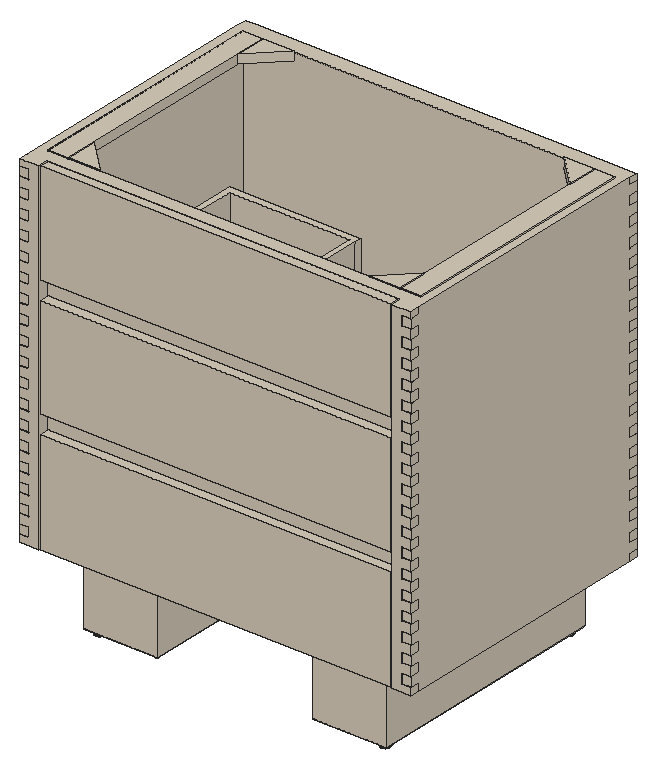
Revit family "Furniture-Floor_Mount-Vanity-KOHLER-Landshapes-K-32264_1", category Casework, host Face, Revit 2021 (continued)
Definition of nested family "K-32264"
  Lines and regions (in)
    symbolic lines, detail levels medium+fine
      curve 221: line (12.76526, -24, 0.3937) -> (6.85975, -24, 0.3937)
      curve 222: line (12.76526, -24, 6.1811) -> (6.85975, -24, 6.1811)
      curve 223: line (-13.27804, -24, 28.93701) -> (-13.15993, -24, 28.93701)
      curve 224: arc (-13.15993, -24, 7.07943) -> (-13.24589, -24, 7.15202) -> (-13.27804, -24, 7.25984) r 0.19685
      curve 225: arc (-13.1993, -24, 7.25983) -> (-13.18901, -24, 7.21161) -> (-13.15993, -24, 7.1718) r 0.11811
      curve 226: line (-13.1993, -24, 7.25983) -> (-13.1993, -24, 7.68085)
      curve 227: line (-13.1993, -24, 7.68085) -> (-13.15993, -24, 7.73708)
      curve 228: line (-13.1993, -24, 8.93307) -> (-13.27804, -24, 8.93307)
      curve 229: line (-13.1993, -24, 8.83661) -> (-13.1993, -24, 8.93307)
      curve 230: line (-13.15993, -24, 8.78039) -> (-13.1993, -24, 8.83661)
      curve 231: line (-13.27804, -24, 6.88976) -> (-13.15993, -24, 6.88976)
      curve 232: arc (14.63534, -24, 7.07943) -> (14.7213, -24, 7.15202) -> (14.75345, -24, 7.25984) r 0.19685
      curve 233: arc (14.67471, -24, 7.25983) -> (14.66442, -24, 7.21161) -> (14.63534, -24, 7.1718) r 0.11811
      curve 234: line (14.67471, -24, 7.25983) -> (14.67471, -24, 7.68085)
      curve 235: line (14.67471, -24, 7.68085) -> (14.63534, -24, 7.73708)
      curve 236: line (14.67471, -24, 8.93307) -> (14.75345, -24, 8.93307)
      curve 237: line (14.67471, -24, 8.83661) -> (14.67471, -24, 8.93307)
      curve 238: line (14.63534, -24, 8.78039) -> (14.67471, -24, 8.83661)
      curve 239: line (14.75345, -24, 6.88976) -> (14.63534, -24, 6.88976)
      curve 240: line (14.75345, -24, 28.93701) -> (14.63534, -24, 28.93701)
      curve 241: line (-23.2623, -1.6378, 32.93307) -> (-23.2623, -2.38583, 32.93307)
      curve 242: line (-23.2623, -2.38583, 32.93307) -> (-23.2623, -2.38583, 33.50394)
      curve 243: line (-23.2623, -2.38583, 32.18504) -> (-23.2623, -1.6378, 32.18504)
      curve 244: line (-23.2623, -2.38583, 31.43701) -> (-23.2623, -2.38583, 32.18504)
      curve 245: line (-23.2623, -1.6378, 31.43701) -> (-23.2623, -2.38583, 31.43701)
      curve 246: line (-23.2623, -2.38583, 30.68898) -> (-23.2623, -1.6378, 30.68898)
      curve 247: line (-23.2623, -2.38583, 29.94094) -> (-23.2623, -2.38583, 30.68898)
      curve 248: line (-23.2623, -1.6378, 29.94094) -> (-23.2623, -2.38583, 29.94094)
      curve 249: line (-23.2623, -2.38583, 29.19291) -> (-23.2623, -1.6378, 29.19291)
      curve 250: line (-23.2623, -2.38583, 28.44488) -> (-23.2623, -2.38583, 29.19291)
      curve 251: line (-23.2623, -1.6378, 28.44488) -> (-23.2623, -2.38583, 28.44488)
      curve 252: line (-23.2623, -2.38583, 27.69685) -> (-23.2623, -1.6378, 27.69685)
      curve 253: line (-23.2623, -2.38583, 26.94882) -> (-23.2623, -2.38583, 27.69685)
      curve 254: line (-23.2623, -1.6378, 26.94882) -> (-23.2623, -2.38583, 26.94882)
      curve 255: line (-23.2623, -2.38583, 26.20079) -> (-23.2623, -1.6378, 26.20079)
      curve 256: line (-23.2623, -2.38583, 25.45276) -> (-23.2623, -2.38583, 26.20079)
      curve 257: line (-23.2623, -1.6378, 25.45276) -> (-23.2623, -2.38583, 25.45276)
      curve 258: line (-23.2623, -2.38583, 24.70472) -> (-23.2623, -1.6378, 24.70472)
      curve 259: line (-23.2623, -2.38583, 23.95669) -> (-23.2623, -2.38583, 24.70472)
      curve 260: line (-23.2623, -1.6378, 23.95669) -> (-23.2623, -2.38583, 23.95669)
      curve 261: line (-23.2623, -2.38583, 23.20866) -> (-23.2623, -1.6378, 23.20866)
      curve 262: line (-23.2623, -2.38583, 22.46063) -> (-23.2623, -2.38583, 23.20866)
      curve 263: line (-23.2623, -1.6378, 22.46063) -> (-23.2623, -2.38583, 22.46063)
      curve 264: line (-23.2623, -2.38583, 21.7126) -> (-23.2623, -1.6378, 21.7126)
      curve 265: line (-23.2623, -2.38583, 20.96457) -> (-23.2623, -2.38583, 21.7126)
      curve 266: line (-23.2623, -1.6378, 20.96457) -> (-23.2623, -2.38583, 20.96457)
      curve 267: line (-23.2623, -2.38583, 20.21654) -> (-23.2623, -1.6378, 20.21654)
      curve 268: line (-23.2623, -2.38583, 19.4685) -> (-23.2623, -2.38583, 20.21654)
      curve 269: line (-23.2623, -1.6378, 19.4685) -> (-23.2623, -2.38583, 19.4685)
      curve 270: line (-23.2623, -2.38583, 18.72047) -> (-23.2623, -1.6378, 18.72047)
      curve 271: line (-23.2623, -2.38583, 17.97244) -> (-23.2623, -2.38583, 18.72047)
      curve 272: line (-23.2623, -1.6378, 17.97244) -> (-23.2623, -2.38583, 17.97244)
      curve 273: line (-23.2623, -2.38583, 17.22441) -> (-23.2623, -1.6378, 17.22441)
      curve 274: line (-23.2623, -2.38583, 16.47638) -> (-23.2623, -2.38583, 17.22441)
      curve 275: line (-23.2623, -1.6378, 16.47638) -> (-23.2623, -2.38583, 16.47638)
      curve 276: line (-23.2623, -2.38583, 15.72835) -> (-23.2623, -1.6378, 15.72835)
      curve 277: line (-23.2623, -2.38583, 14.98031) -> (-23.2623, -2.38583, 15.72835)
      curve 278: line (-23.2623, -1.6378, 14.98031) -> (-23.2623, -2.38583, 14.98031)
      curve 279: line (-23.2623, -2.38583, 14.23228) -> (-23.2623, -1.6378, 14.23228)
      curve 280: line (-23.2623, -2.38583, 13.48425) -> (-23.2623, -2.38583, 14.23228)
      curve 281: line (-23.2623, -1.6378, 13.48425) -> (-23.2623, -2.38583, 13.48425)
      curve 282: line (-23.2623, -2.38583, 12.73622) -> (-23.2623, -1.6378, 12.73622)
      curve 283: line (-23.2623, -2.38583, 11.98819) -> (-23.2623, -2.38583, 12.73622)
      curve 284: line (-23.2623, -1.6378, 11.98819) -> (-23.2623, -2.38583, 11.98819)
      curve 285: line (-23.2623, -2.38583, 11.24016) -> (-23.2623, -1.6378, 11.24016)
      curve 286: line (-23.2623, -2.38583, 10.49213) -> (-23.2623, -2.38583, 11.24016)
      curve 287: line (-23.2623, -1.6378, 10.49213) -> (-23.2623, -2.38583, 10.49213)
      curve 288: line (-23.2623, -2.38583, 9.74409) -> (-23.2623, -1.6378, 9.74409)
      curve 289: line (-23.2623, -2.38583, 8.99606) -> (-23.2623, -2.38583, 9.74409)
      curve 290: line (-23.2623, -1.6378, 8.99606) -> (-23.2623, -2.38583, 8.99606)
      curve 291: line (-23.2623, -2.38583, 8.24803) -> (-23.2623, -1.6378, 8.24803)
      curve 292: line (-23.2623, -2.38583, 7.5) -> (-23.2623, -2.38583, 8.24803)
      curve 293: line (-23.2623, -1.6378, 7.5) -> (-23.2623, -2.38583, 7.5)
      curve 294: line (-23.2623, -2.38583, 6.75197) -> (-23.2623, -1.6378, 6.75197)
      curve 295: line (-23.2623, -2.38583, 6.1811) -> (-23.2623, -2.38583, 6.75197)
      curve 296: line (-23.2623, -1.6378, 6.1811) -> (-23.2623, -23.99016, 6.1811)
      curve 297: line (-23.2623, -22.0315, 0.3937) -> (-23.2623, -2.38583, 0.3937)
      curve 298: line (-23.2623, -2.50394, 0.27559) -> (-23.2623, -21.91339, 0.27559)
      curve 299: line (-23.2623, -24, 32.93307) -> (-23.2623, -23.25197, 32.93307)
      curve 300: line (-23.2623, -23.25197, 32.93307) -> (-23.2623, -23.25197, 33.50394)
      curve 301: line (-23.2623, -23.25197, 32.18504) -> (-23.2623, -24, 32.18504)
      curve 302: line (-23.2623, -23.25197, 31.43701) -> (-23.2623, -23.25197, 32.18504)
      curve 303: line (-23.2623, -24, 31.43701) -> (-23.2623, -23.25197, 31.43701)
      curve 304: line (-23.2623, -23.25197, 30.68898) -> (-23.2623, -24, 30.68898)
      curve 305: line (-23.2623, -23.25197, 29.94094) -> (-23.2623, -23.25197, 30.68898)
      curve 306: line (-23.2623, -24, 29.94094) -> (-23.2623, -23.25197, 29.94094)
      curve 307: line (-23.2623, -23.25197, 29.19291) -> (-23.2623, -24, 29.19291)
      curve 308: line (-23.2623, -23.25197, 28.44488) -> (-23.2623, -23.25197, 29.19291)
      curve 309: line (-23.2623, -24, 28.44488) -> (-23.2623, -23.25197, 28.44488)
      curve 310: line (-23.2623, -23.25197, 27.69685) -> (-23.2623, -24, 27.69685)
      curve 311: line (-23.2623, -23.25197, 26.94882) -> (-23.2623, -23.25197, 27.69685)
      curve 312: line (-23.2623, -24, 26.94882) -> (-23.2623, -23.25197, 26.94882)
      curve 313: line (-23.2623, -23.25197, 26.20079) -> (-23.2623, -24, 26.20079)
      curve 314: line (-23.2623, -23.25197, 25.45276) -> (-23.2623, -23.25197, 26.20079)
      curve 315: line (-23.2623, -24, 25.45276) -> (-23.2623, -23.25197, 25.45276)
      curve 316: line (-23.2623, -23.25197, 24.70472) -> (-23.2623, -24, 24.70472)
      curve 317: line (-23.2623, -23.25197, 23.95669) -> (-23.2623, -23.25197, 24.70472)
      curve 318: line (-23.2623, -24, 23.95669) -> (-23.2623, -23.25197, 23.95669)
      curve 319: line (-23.2623, -23.25197, 23.20866) -> (-23.2623, -24, 23.20866)
      curve 320: line (-23.2623, -23.25197, 22.46063) -> (-23.2623, -23.25197, 23.20866)
      curve 321: line (-23.2623, -24, 22.46063) -> (-23.2623, -23.25197, 22.46063)
      curve 322: line (-23.2623, -23.25197, 21.7126) -> (-23.2623, -24, 21.7126)
      curve 323: line (-23.2623, -23.25197, 20.96457) -> (-23.2623, -23.25197, 21.7126)
      curve 324: line (-23.2623, -24, 20.96457) -> (-23.2623, -23.25197, 20.96457)
      curve 325: line (-23.2623, -23.25197, 20.21654) -> (-23.2623, -24, 20.21654)
      curve 326: line (-23.2623, -23.25197, 19.4685) -> (-23.2623, -23.25197, 20.21654)
      curve 327: line (-23.2623, -24, 19.4685) -> (-23.2623, -23.25197, 19.4685)
      curve 328: line (-23.2623, -23.25197, 18.72047) -> (-23.2623, -24, 18.72047)
      curve 329: line (-23.2623, -23.25197, 17.97244) -> (-23.2623, -23.25197, 18.72047)
      curve 330: line (-23.2623, -24, 17.97244) -> (-23.2623, -23.25197, 17.97244)
      curve 331: line (-23.2623, -23.25197, 17.22441) -> (-23.2623, -24, 17.22441)
      curve 332: line (-23.2623, -23.25197, 16.47638) -> (-23.2623, -23.25197, 17.22441)
      curve 333: line (-23.2623, -24, 16.47638) -> (-23.2623, -23.25197, 16.47638)
      curve 334: line (-23.2623, -23.25197, 15.72835) -> (-23.2623, -24, 15.72835)
      curve 335: line (-23.2623, -23.25197, 14.98031) -> (-23.2623, -23.25197, 15.72835)
      curve 336: line (-23.2623, -24, 14.98031) -> (-23.2623, -23.25197, 14.98031)
      curve 337: line (-23.2623, -23.25197, 14.23228) -> (-23.2623, -24, 14.23228)
      curve 338: line (-23.2623, -23.25197, 13.48425) -> (-23.2623, -23.25197, 14.23228)
      curve 339: line (-23.2623, -24, 13.48425) -> (-23.2623, -23.25197, 13.48425)
      curve 340: line (-23.2623, -23.25197, 12.73622) -> (-23.2623, -24, 12.73622)
      curve 341: line (-23.2623, -23.25197, 11.98819) -> (-23.2623, -23.25197, 12.73622)
      curve 342: line (-23.2623, -24, 11.98819) -> (-23.2623, -23.25197, 11.98819)
      curve 343: line (-23.2623, -23.25197, 11.24016) -> (-23.2623, -24, 11.24016)
      curve 344: line (-23.2623, -23.25197, 10.49213) -> (-23.2623, -23.25197, 11.24016)
      curve 345: line (-23.2623, -24, 10.49213) -> (-23.2623, -23.25197, 10.49213)
      curve 346: line (-23.2623, -23.25197, 9.74409) -> (-23.2623, -24, 9.74409)
      curve 347: line (-23.2623, -23.25197, 8.99606) -> (-23.2623, -23.25197, 9.74409)
      curve 348: line (-23.2623, -24, 8.99606) -> (-23.2623, -23.25197, 8.99606)
      curve 349: line (-23.2623, -23.25197, 8.24803) -> (-23.2623, -24, 8.24803)
      curve 350: line (-23.2623, -23.25197, 7.5) -> (-23.2623, -23.25197, 8.24803)
      curve 351: line (-23.2623, -24, 7.5) -> (-23.2623, -23.25197, 7.5)
      curve 352: line (-23.2623, -23.25197, 6.75197) -> (-23.2623, -24, 6.75197)
      curve 353: line (-23.2623, -23.25197, 6.1811) -> (-23.2623, -23.25197, 6.75197)
      curve 354: line (-23.2623, -2.70079, 0.0701) -> (-23.2623, -3.48327, 0.0701)
      curve 355: line (-23.2623, -21.71117, 0.0701) -> (-23.2623, -20.92869, 0.0701)
  Dimensions and locks (in)
    equal spacing: plane 3 "Left", plane 2 "Center (Left/Right)", plane 4 "Right"
    "Height": level to plane 6 "Top"
    plane 7 to plane 8 = 31.02362"
    plane 9 to plane 5 "Front" = 22.3622"
    plane 10 to plane 11 = 27.79528"
    plane 12 to plane 5 "Front" = 15.59055"
    plane 20 to plane 19 = 22.6378"
    plane 25 to plane 24 = 18.22835"
    plane 9 to plane 23 = 0.74803"
    aligned and locked: plane 1 to level
  Automatic sketch dimensions
    curve 1 to plane 7 = 0"
    plane 5 "Front" to curve 8 = 0"
    curve 8 to plane 7 = 0"
    curve 14 to plane 10 = 0"
    curve 14 to plane 11 = 0"
    curve 39 to plane 8 = 0"
    plane 5 "Front" to curve 44 = 0"
    curve 44 to plane 8 = 0"
    curve 2 to plane 9 = 0.07874"
    plane 7 to curve 2 = 0.74803"
    plane 10 to curve 28 = 0.72881"
    curve 27 to curve 27 = 0.07557"
    curve 30 to plane 21 = 0.40891"
    curve 25 to plane 21 = 0.04715"
    curve 50 to plane 22 = 0.04715"
    curve 49 to curve 56 = 0.36176"
    curve 55 to curve 55 = 0.65679"
    curve 52 to curve 52 = 0.07557"
    plane 8 to curve 44 = 0.74803"
    curve 10 to plane 5 "Front" = 0.74803"
    curve 46 to plane 5 "Front" = 0.74803"
    plane 24 to curve 11 = 0.82677"
    plane 25 to curve 54 = 2.45856"
    plane 25 to curve 27 = 2.45856"
    curve 27 to curve 29 = 0.11454"
    curve 52 to curve 54 = 0.11454"
    curve 30 to curve 24 = 0.05979"
    curve 55 to curve 49 = 0.05979"
    curve 4 to plane 25 = 0.19685"
    curve 9 to plane 5 "Front" = 0.07874"
    curve 10 to curve 14 = 0.11811"
    curve 9 to plane 10 = 0.11811"
    curve 13 to curve 10 = 0"
    plane 10 to curve 5 = 0.70866"
    curve 28 to curve 24 = 0.0027"
    curve 32 to curve 27 = 0.01885"
    curve 29 to curve 33 = 0.06379"
    curve 27 to curve 37 = 0.16383"
    curve 37 to curve 34 = 0.03915"
    curve 36 to curve 30 = 0.17108"
    curve 36 to curve 35 = 0.0493"
    curve 38 to curve 24 = 0.12688"
    curve 26 to curve 24 = 0.02684"
    plane 19 to curve 7 = 0.63386"
    plane 19 to curve 15 = 0.63386"
    plane 13 to curve 16 = 2.35827"
    curve 16 to curve 17 = 0.3937"
    plane 14 to curve 20 = 2.75197"
    curve 20 to curve 21 = 0.3937"
    plane 20 to curve 43 = 0.63386"
    plane 20 to curve 48 = 0.63386"
    curve 50 to curve 51 = 0.02684"
    curve 51 to curve 63 = 0.10004"
    curve 55 to curve 60 = 0.12179"
    curve 60 to curve 61 = 0.0493"
    curve 59 to curve 54 = 0.20298"
    curve 62 to curve 52 = 0.16383"
    curve 58 to curve 54 = 0.06379"
    curve 52 to curve 57 = 0.01885"
    curve 49 to curve 53 = 0.0027"
    curve 53 to curve 43 = 0.02015"
    curve 13 to plane 11 = 0.11811"
    curve 46 to curve 13 = 0"
    curve 45 to plane 11 = 0.11811"
    curve 45 to plane 5 "Front" = 0.07874"
    curve 10 to curve 14 = 0"
    curve 46 to curve 13 = 0.07874"
    curve 15 to plane 24 = 1.67717"
    curve 48 to plane 24 = 1.67717"
    curve 18 to plane 24 = 5.51181"
    curve 18 to curve 19 = 0.3937"
    plane 12 to curve 16 = 2.32283"
    curve 22 to curve 52 = 0.06113"
    curve 119 to plane 7 = 0"
    curve 118 to plane 7 = 0"
    curve 116 to plane 7 = 0"
    curve 115 to plane 7 = 0"
    curve 85 to plane 7 = 0"
    curve 82 to plane 7 = 0"
    curve 124 to plane 7 = 0"
    curve 113 to plane 7 = 0"
    curve 111 to plane 7 = 0"
    curve 68 to plane 7 = 0"
    curve 110 to plane 7 = 0"
    curve 109 to plane 7 = 0"
    curve 70 to plane 7 = 0"
    curve 107 to plane 7 = 0"
    curve 105 to plane 7 = 0"
    curve 122 to plane 7 = 0"
    curve 104 to plane 7 = 0"
    curve 103 to plane 7 = 0"
    curve 121 to plane 7 = 0"
    curve 101 to plane 7 = 0"
    curve 100 to plane 7 = 0"
    curve 74 to plane 7 = 0"
    curve 98 to plane 7 = 0"
    curve 97 to plane 7 = 0"
    curve 76 to plane 7 = 0"
    curve 95 to plane 7 = 0"
    curve 94 to plane 7 = 0"
    curve 77 to plane 7 = 0"
    curve 92 to plane 7 = 0"
    curve 86 to plane 7 = 0"
    curve 79 to plane 7 = 0"
    curve 91 to plane 7 = 0"
    curve 89 to plane 7 = 0"
    curve 80 to plane 7 = 0"
    curve 88 to plane 7 = 0"
    curve 83 to plane 7 = 0"
    curve 66 to plane 6 "Top" = 0"
    curve 65 to plane 6 "Top" = 0"
    curve 67 to plane 6 "Top" = 0"
    curve 67 to plane 16 = 0"
    curve 230 to plane 10 = 0"
    curve 130 to plane 10 = 0"
    curve 73 to plane 10 = 0"
    curve 137 to plane 10 = 0"
    curve 139 to plane 10 = 0"
    curve 146 to plane 16 = 0"
    curve 146 to plane 21 = 0"
    curve 145 to plane 21 = 0"
    curve 143 to plane 15 = 0"
    curve 222 to plane 16 = 0"
    curve 219 to plane 15 = 0"
    plane 22 to curve 222 = 0"
    plane 22 to curve 221 = 0"
    plane 11 to curve 128 = 0"
    plane 11 to curve 127 = 0"
    plane 11 to curve 72 = 0"
    plane 11 to curve 139 = 0"
    plane 11 to curve 239 = 0"
    curve 150 to plane 6 "Top" = 0"
    curve 150 to plane 16 = 0"
    curve 148 to plane 6 "Top" = 0"
    curve 149 to plane 6 "Top" = 0"
    plane 8 to curve 168 = 0"
    plane 8 to curve 159 = 0"
    plane 8 to curve 170 = 0"
    plane 8 to curve 171 = 0"
    plane 8 to curve 158 = 0"
    plane 8 to curve 173 = 0"
    plane 8 to curve 206 = 0"
    plane 8 to curve 156 = 0"
    plane 8 to curve 204 = 0"
    plane 8 to curve 203 = 0"
    plane 8 to curve 167 = 0"
    plane 8 to curve 201 = 0"
    plane 8 to curve 200 = 0"
    plane 8 to curve 151 = 0"
    plane 8 to curve 198 = 0"
    plane 8 to curve 197 = 0"
    plane 8 to curve 195 = 0"
    plane 8 to curve 161 = 0"
    plane 8 to curve 193 = 0"
    plane 8 to curve 165 = 0"
    plane 8 to curve 192 = 0"
    plane 8 to curve 164 = 0"
    plane 8 to curve 191 = 0"
    plane 8 to curve 189 = 0"
    plane 8 to curve 187 = 0"
    plane 8 to curve 153 = 0"
    plane 8 to curve 186 = 0"
    plane 8 to curve 185 = 0"
    plane 8 to curve 183 = 0"
    plane 8 to curve 182 = 0"
    plane 8 to curve 180 = 0"
    plane 8 to curve 179 = 0"
    plane 8 to curve 177 = 0"
    plane 8 to curve 162 = 0"
    plane 8 to curve 176 = 0"
    plane 8 to curve 174 = 0"
    curve 207 to plane 16 = 0"
    curve 126 to plane 16 = 0"
    plane 7 to curve 66 = 0.00984"
    curve 83 to curve 84 = 0.74803"
    curve 82 to curve 82 = 0.74803"
    curve 84 to curve 86 = 0"
    curve 89 to curve 89 = 0.74803"
    curve 79 to curve 80 = 0"
    curve 94 to curve 93 = 0.74803"
    curve 93 to curve 95 = 0"
    curve 76 to curve 77 = 0"
    curve 96 to curve 98 = 0"
    curve 99 to curve 101 = 0"
    curve 119 to curve 120 = 0.74803"
    curve 104 to curve 104 = 0.74803"
    curve 120 to curve 122 = 0"
    curve 105 to curve 107 = 0"
    curve 70 to curve 74 = 0"
    curve 108 to curve 110 = 0"
    curve 111 to curve 113 = 0"
    curve 114 to curve 116 = 0"
    curve 229 to plane 10 = 0.03937"
    curve 226 to plane 10 = 0.03937"
    curve 136 to plane 10 = 0.03937"
    curve 133 to plane 10 = 0.03937"
    plane 10 to curve 224 = 0.07874"
    plane 10 to curve 130 = 0.07874"
    curve 130 to curve 131 = 0"
    curve 224 to curve 225 = 0"
    plane 11 to curve 210 = 0.07874"
    plane 11 to curve 232 = 0.07874"
    curve 232 to curve 233 = 0"
    curve 209 to curve 210 = 0"
    curve 215 to plane 11 = 0.03937"
    curve 236 to plane 11 = 0.03937"
    curve 234 to plane 11 = 0.03937"
    curve 212 to plane 11 = 0.03937"
    curve 187 to curve 187 = 0.74803"
    curve 187 to curve 189 = 0"
    curve 185 to curve 185 = 0.74803"
    curve 190 to curve 192 = 0"
    curve 193 to curve 195 = 0"
    curve 182 to curve 182 = 0.74803"
    curve 198 to curve 198 = 0.74803"
    curve 151 to curve 151 = 0.74803"
    curve 199 to curve 201 = 0"
    curve 202 to curve 204 = 0"
    curve 152 to curve 156 = 0"
    curve 174 to curve 174 = 0.74803"
    curve 173 to plane 18 = 0.05906"
    curve 173 to curve 174 = 0"
    curve 170 to curve 171 = 0"
    curve 179 to curve 179 = 0.74803"
    curve 157 to curve 159 = 0"
    curve 167 to curve 168 = 0"
    curve 164 to curve 164 = 0.74803"
    plane 8 to curve 149 = 0.00984"
    plane 16 to curve 123 = 0.57087"
    plane 16 to curve 206 = 0.57087"
    curve 123 to curve 225 = 0.50786"
    curve 205 to curve 234 = 0.50786"
    curve 233 to curve 232 = 0"
    curve 225 to curve 224 = 0"
    curve 123 to curve 123 = 0.74803"
    curve 205 to curve 205 = 0.74803"
    curve 225 to curve 227 = 0.42102"
    curve 233 to curve 235 = 0.42102"
    curve 204 to curve 202 = 0.74803"
    curve 122 to curve 120 = 0.74803"
    curve 202 to curve 238 = 0.58858"
    curve 120 to curve 229 = 0.58858"
    curve 237 to curve 236 = 0.09646"
    curve 229 to curve 229 = 0.09646"
    curve 202 to curve 202 = 0.74803"
    curve 120 to curve 120 = 0.74803"
    curve 201 to curve 199 = 0.74803"
    curve 119 to curve 118 = 0.74803"
    curve 117 to curve 117 = 0.74803"
    curve 199 to curve 198 = 0.74803"
    curve 197 to plane 17 = 0.03543"
    curve 115 to plane 17 = 0.03543"
    plane 17 to curve 113 = 0.7126"
    plane 17 to curve 195 = 0.7126"
    curve 195 to curve 194 = 0.74803"
    curve 113 to curve 112 = 0.74803"
    curve 111 to curve 110 = 0.74803"
    curve 193 to curve 194 = 0.74803"
    curve 192 to curve 191 = 0.74803"
    curve 110 to curve 109 = 0.74803"
    curve 108 to curve 125 = 0.1378"
    curve 125 to curve 127 = 0.11811"
    curve 127 to curve 131 = 0.37007"
    curve 127 to curve 211 = 0.37007"
    curve 210 to curve 209 = 0"
    curve 131 to curve 130 = 0"
    curve 108 to curve 107 = 0.74803"
    curve 190 to curve 189 = 0.74803"
    curve 210 to curve 211 = 0.42102"
    curve 131 to curve 133 = 0.42102"
    curve 189 to curve 187 = 0.74803"
    curve 107 to curve 106 = 0.74803"
    curve 211 to curve 128 = 0.54749"
    curve 128 to curve 135 = 0.60827"
    curve 128 to curve 215 = 0.60827"
    curve 105 to curve 104 = 0.74803"
    curve 187 to curve 188 = 0.74803"
    curve 214 to curve 213 = 0.09646"
    curve 135 to curve 135 = 0.09646"
    curve 186 to curve 184 = 0.74803"
    curve 104 to curve 102 = 0.74803"
    curve 102 to curve 101 = 0.74803"
    curve 184 to curve 184 = 0.74803"
    curve 183 to curve 182 = 0.74803"
    curve 101 to curve 100 = 0.74803"
    curve 99 to curve 98 = 0.74803"
    curve 181 to curve 180 = 0.74803"
    curve 98 to curve 96 = 0.74803"
    curve 180 to curve 178 = 0.74803"
    curve 178 to curve 177 = 0.74803"
    curve 96 to curve 96 = 0.74803"
    curve 95 to curve 93 = 0.74803"
    curve 177 to curve 175 = 0.74803"
    curve 175 to curve 174 = 0.74803"
    curve 93 to curve 93 = 0.74803"
    curve 91 to plane 18 = 0.05906"
    plane 18 to curve 137 = 0.62992"
    plane 18 to curve 90 = 0.68898"
    plane 18 to curve 171 = 0.68898"
    curve 138 to curve 218 = 0.11811"
    curve 89 to curve 87 = 0.74803"
    curve 171 to curve 169 = 0.74803"
    curve 87 to curve 71 = 0.64961"
    curve 169 to curve 168 = 0.74803"
    curve 87 to curve 87 = 0.74803"
    curve 168 to curve 166 = 0.74803"
    curve 86 to curve 84 = 0.74803"
    curve 84 to curve 83 = 0.74803"
    curve 166 to curve 166 = 0.74803"
    curve 83 to curve 81 = 0.74803"
    curve 165 to curve 164 = 0.74803"
    curve 163 to curve 163 = 0.74803"
    curve 81 to curve 81 = 0.74803"
    curve 80 to curve 79 = 0.74803"
    curve 162 to curve 160 = 0.74803"
    curve 78 to curve 78 = 0.74803"
    curve 160 to curve 160 = 0.74803"
    curve 159 to curve 158 = 0.74803"
    curve 77 to curve 76 = 0.74803"
    curve 157 to curve 156 = 0.74803"
    curve 75 to curve 74 = 0.74803"
    curve 74 to curve 70 = 0.74803"
    curve 156 to curve 153 = 0.74803"
    plane 6 "Top" to curve 68 = 0.57087"
    plane 6 "Top" to curve 152 = 0.57087"
    curve 149 to curve 149 = 0.07874"
    plane 6 "Top" to curve 72 = 0.07874"
    curve 66 to curve 66 = 0.07874"
    curve 66 to curve 65 = 0.0689"
    curve 130 to curve 132 = 0.07874"
    plane 10 to curve 140 = 0.27559"
    level to curve 144 = 0.07607"
    plane 21 to curve 144 = 0.31496"
    curve 143 to curve 144 = 0"  (x2)
    plane 19 to curve 143 = 0.3937"
    curve 146 to plane 13 = 0.12205"
    curve 145 to plane 13 = 0.12205"
    curve 221 to plane 14 = 0.12205"
    curve 222 to plane 14 = 0.12205"
    plane 20 to curve 219 = 0.3937"
    level to curve 220 = 0.07607"
    curve 219 to curve 220 = 0"  (x2)
    plane 22 to curve 219 = 0.31496"
    plane 11 to curve 217 = 0.27559"
    curve 150 to plane 11 = 0.11811"
    curve 148 to curve 147 = 0.0689"
    plane 15 to curve 221 = 0.11811"
    plane 15 to curve 145 = 0.11811"
    curve 231 to curve 224 = 0.18966"
    curve 239 to curve 232 = 0.18966"
    curve 234 to curve 235 = 0.05623"
    curve 226 to curve 227 = 0.05623"
    curve 230 to curve 229 = 0.05623"
    curve 238 to curve 237 = 0.05623"
    curve 132 to curve 133 = 0.05623"
    curve 211 to curve 212 = 0.05623"
    curve 137 to curve 128 = 0"
    curve 136 to curve 135 = 0.05623"
    curve 215 to curve 214 = 0.05623"
    curve 213 to curve 208 = 0.55512"
    curve 134 to curve 129 = 0.55512"
    curve 141 to curve 83 = 0.33465"
    curve 218 to curve 165 = 0.33465"
    curve 240 to curve 160 = 0.25591"
    curve 223 to curve 78 = 0.25591"
    curve 155 to curve 152 = 0.25591"
    curve 73 to curve 69 = 0.25591"
    Sweep 1 sketch curve to plane 21 = 0"
    plane 23 to Sweep 1 sketch curve = 0"
    Sweep 1 sketch curve to plane 13 = 0.12205"
    plane 24 to Sweep 1 sketch curve = 0.74803"
    profile plane to Sweep 1 sketch curve = 0"
    Sweep 1 sketch curve to profile plane = 0.11832"
    Sweep 1 sketch curve to profile plane = 0.19685"
    level to Sweep 1 sketch curve = 0.3151"
    Sweep 1 sketch curve to Sweep 1 sketch curve = 0.11832"
    Sweep 1 sketch curve to Sweep 1 sketch curve = 5.7874"
    Sweep 2 sketch curve to plane 22 = 0"
    plane 23 to Sweep 2 sketch curve = 0"
    Sweep 2 sketch curve to plane 14 = 0.12205"
    plane 24 to Sweep 2 sketch curve = 0.74803"
    profile plane to Sweep 2 sketch curve = 0"
    profile plane to Sweep 2 sketch curve = 0.11832"
    Sweep 2 sketch curve to Sweep 2 sketch curve = 0.07853"
    level to Sweep 2 sketch curve = 0.3151"
    Sweep 2 sketch curve to Sweep 2 sketch curve = 0.11832"
    Sweep 2 sketch curve to Sweep 2 sketch curve = 5.7874"
    plane 21 to Extrusion 3 sketch curve = 0.19685"
    Extrusion 3 sketch curve to plane 13 = 0.3189"
    Extrusion 3 sketch curve to plane 14 = 0.3189"
    plane 22 to Extrusion 3 sketch curve = 0.19685"
    plane 24 to Extrusion 3 sketch curve = 0.55118"  (x2)
    plane 23 to Extrusion 3 sketch curve = 0.19685"  (x2)
    plane 5 "Front" to Extrusion 4 sketch curve = 0"  (x2)
    Extrusion 4 sketch curve to plane 7 = 0"
    Extrusion 4 sketch curve to plane 9 = 0"
    Extrusion 4 sketch curve to plane 8 = 0"
    Extrusion 4 sketch curve to plane 25 = 0.19685"
    plane 7 to Extrusion 4 sketch curve = 0.74803"  (x2)
    Extrusion 4 sketch curve to plane 10 = 0.11811"
    Extrusion 4 sketch curve to plane 11 = 0.11811"
    plane 8 to Extrusion 4 sketch curve = 0.74803"
    Extrusion 4 sketch curve to Extrusion 4 sketch curve = 0.74803"  (x2)
    Extrusion 4 sketch curve to Extrusion 4 sketch curve = 0.82677"
    plane 24 to Extrusion 4 sketch curve = 0.82677"
    Extrusion 5 sketch curve to plane 5 "Front" = 0"  (x18)
    Extrusion 5 sketch curve to plane 23 = 0"  (x19)
    Extrusion 5 sketch curve to plane 9 = 0"  (x18)
    Extrusion 5 sketch curve to plane 16 = 0.1965"  (x2)
    plane 5 "Front" to Extrusion 5 sketch curve = 0.82677"
    Extrusion 5 sketch curve to Extrusion 5 sketch curve = 0.74803"  (x77)
    Extrusion 5 sketch curve to Extrusion 5 sketch curve = 0"  (x2)
    plane 9 to Extrusion 5 sketch curve = 0.82677"
    plane 16 to Extrusion 5 sketch curve = 0.61059"  (x2)
    Extrusion 5 sketch curve to plane 17 = 0.74374"  (x2)
    plane 17 to Extrusion 5 sketch curve = 0.00429"  (x2)
    Extrusion 5 sketch curve to plane 18 = 0.01933"  (x2)
    plane 18 to Extrusion 5 sketch curve = 0.7287"  (x2)
    plane 6 "Top" to Extrusion 5 sketch curve = 0.53114"  (x2)
    Extrusion 5 sketch curve to plane 6 "Top" = 0.03972"  (x2)
    Extrusion 6 sketch curve to plane 5 "Front" = 0"  (x18)
    Extrusion 6 sketch curve to plane 23 = 0"  (x19)
    Extrusion 6 sketch curve to plane 9 = 0"  (x18)
    Extrusion 6 sketch curve to plane 16 = 0.1965"  (x2)
    plane 5 "Front" to Extrusion 6 sketch curve = 0.82677"
    Extrusion 6 sketch curve to Extrusion 6 sketch curve = 0.74803"  (x77)
    Extrusion 6 sketch curve to Extrusion 6 sketch curve = 0"  (x2)
    plane 9 to Extrusion 6 sketch curve = 0.82677"
    plane 16 to Extrusion 6 sketch curve = 0.61059"  (x2)
    Extrusion 6 sketch curve to plane 17 = 0.74374"  (x2)
    plane 17 to Extrusion 6 sketch curve = 0.00429"  (x2)
    Extrusion 6 sketch curve to plane 18 = 0.01933"  (x2)
    plane 18 to Extrusion 6 sketch curve = 0.7287"  (x2)
    plane 6 "Top" to Extrusion 6 sketch curve = 0.53114"  (x2)
    Extrusion 6 sketch curve to plane 6 "Top" = 0.03972"  (x2)
    Extrusion 7 sketch curve to plane 7 = 0"  (x19)
    plane 8 to Extrusion 7 sketch curve = 0"  (x19)
    Extrusion 7 sketch curve to plane 6 "Top" = 0.25626"  (x2)
    Extrusion 7 sketch curve to plane 7 = 0.59055"
    Extrusion 7 sketch curve to Extrusion 7 sketch curve = 0.74803"  (x78)
    Extrusion 7 sketch curve to Extrusion 7 sketch curve = 0"  (x18)
    Extrusion 7 sketch curve to plane 18 = 0.01933"  (x2)
    plane 17 to Extrusion 7 sketch curve = 0.00429"  (x2)
    Extrusion 7 sketch curve to plane 8 = 0.59055"
    Extrusion 7 sketch curve to plane 17 = 0.74374"  (x2)
    plane 16 to Extrusion 7 sketch curve = 0.61059"  (x2)
    Extrusion 7 sketch curve to plane 16 = 0.37366"  (x2)
    plane 18 to Extrusion 7 sketch curve = 0.7287"  (x2)
    plane 6 "Top" to Extrusion 7 sketch curve = 0.53114"  (x2)
    Extrusion 8 sketch curve to plane 10 = 0"  (x3)
    plane 11 to Extrusion 8 sketch curve = 0"  (x3)
    plane 16 to Extrusion 8 sketch curve = 0.03972"
    plane 17 to Extrusion 8 sketch curve = 3.13421"
    Extrusion 8 sketch curve to Extrusion 8 sketch curve = 1.45669"  (x2)
    plane 18 to Extrusion 8 sketch curve = 0.66964"
    plane 6 "Top" to Extrusion 8 sketch curve = 0.03902"
    Extrusion 9 sketch curve to plane 25 = 0.19685"
    plane 7 to Extrusion 9 sketch curve = 0.74803"
    plane 8 to Extrusion 9 sketch curve = 0.74803"
    plane 24 to Extrusion 9 sketch curve = 0.82677"
    Extrusion 10 sketch curve to plane 25 = 0.19685"  (x2)
    plane 7 to Extrusion 10 sketch curve = 0.74803"
    plane 10 to Extrusion 10 sketch curve = 0.70866"
    plane 19 to Extrusion 10 sketch curve = 0.63386"  (x2)
    plane 20 to Extrusion 10 sketch curve = 0.63386"  (x2)
    plane 11 to Extrusion 10 sketch curve = 0.70866"
    plane 8 to Extrusion 10 sketch curve = 0.74803"
    plane 25 to Extrusion 10 sketch curve = 2.30709"  (x2)
    Extrusion 10 sketch curve to plane 24 = 1.67717"  (x2)
    plane 24 to Extrusion 10 sketch curve = 0.82677"  (x2)
    plane 10 to Extrusion 11 sketch curve = 0.70866"  (x2)
    Extrusion 11 sketch curve to Extrusion 11 sketch curve = 0.04205"  (x8)
    plane 11 to Extrusion 11 sketch curve = 0.75071"  (x2)
    plane 24 to Extrusion 11 sketch curve = 0.82677"  (x2)
    Extrusion 11 sketch curve to plane 24 = 1.63512"  (x2)
    plane 25 to Extrusion 11 sketch curve = 2.30709"  (x2)
    Extrusion 11 sketch curve to plane 25 = 0.19685"  (x2)
    plane 10 to Extrusion 13 sketch curve = 0.27559"
    Extrusion 13 sketch curve to Extrusion 13 sketch curve = 0.3937"
    plane 11 to Extrusion 13 sketch curve = 0.86614"
    plane 11 to Extrusion 13 sketch curve = 0.27559"
    Extrusion 13 sketch curve to plane 5 "Front" = 0.7874"
    Extrusion 13 sketch curve to plane 5 "Front" = 1.29921"
    plane 12 to Extrusion 13 sketch curve = 2.32283"
    Extrusion 13 sketch curve to Extrusion 13 sketch curve = 0.51181"
    plane 10 to Extrusion 15 sketch curve = 0.66929"
    plane 11 to Extrusion 15 sketch curve = 0.86614"
    Extrusion 15 sketch curve to plane 5 "Front" = 0.90551"
    plane 12 to Extrusion 15 sketch curve = 2.32283"
    Extrusion 16 sketch curve to plane 10 = 0"  (x2)
    plane 11 to Extrusion 16 sketch curve = 0"  (x2)
    Extrusion 16 sketch curve to plane 10 = 0.03937"  (x2)
    Extrusion 16 sketch curve to Extrusion 16 sketch curve = 0.07874"  (x8)
    Extrusion 16 sketch curve to plane 10 = 0.11811"  (x2)
    Extrusion 16 sketch curve to Extrusion 16 sketch curve = 0.19685"  (x4)
    plane 10 to Extrusion 16 sketch curve = 0.07874"  (x2)
    Extrusion 16 sketch curve to Extrusion 16 sketch curve = 0"  (x9)
    plane 10 to Extrusion 16 sketch curve = 0.66929"  (x2)
    Extrusion 16 sketch curve to Extrusion 16 sketch curve = 0.10128"  (x4)
    Extrusion 16 sketch curve to Extrusion 16 sketch curve = 0.30479"  (x4)
    Extrusion 16 sketch curve to Extrusion 16 sketch curve = 0.01518"  (x4)
    Extrusion 16 sketch curve to Extrusion 16 sketch curve = 0.13257"  (x3)
    Extrusion 16 sketch curve to Extrusion 16 sketch curve = 0.14775"
    Extrusion 16 sketch curve to Extrusion 16 sketch curve = 0.10365"  (x4)
    Extrusion 16 sketch curve to Extrusion 16 sketch curve = 0.14302"  (x2)
    Extrusion 16 sketch curve to Extrusion 16 sketch curve = 0.02419"  (x4)
    Extrusion 16 sketch curve to plane 21 = 0.20968"
    Extrusion 16 sketch curve to Extrusion 16 sketch curve = 0.19133"
    Extrusion 16 sketch curve to plane 21 = 0.08428"  (x2)
    Extrusion 16 sketch curve to plane 21 = 0.05058"  (x2)
    Extrusion 16 sketch curve to plane 19 = 0.20239"  (x2)
    Extrusion 16 sketch curve to plane 19 = 0.01382"  (x2)
    plane 19 to Extrusion 16 sketch curve = 0.13349"  (x2)
    plane 20 to Extrusion 16 sketch curve = 0.13349"  (x2)
    Extrusion 16 sketch curve to plane 20 = 0.01382"  (x2)
    Extrusion 16 sketch curve to plane 20 = 0.20239"  (x2)
    Extrusion 16 sketch curve to plane 22 = 0.05058"  (x2)
    Extrusion 16 sketch curve to plane 22 = 0.08428"  (x2)
    Extrusion 16 sketch curve to Extrusion 16 sketch curve = 0.1254"
    Extrusion 16 sketch curve to Extrusion 16 sketch curve = 0.1591"
    Extrusion 16 sketch curve to Extrusion 16 sketch curve = 0.31673"  (x2)
    Extrusion 16 sketch curve to Extrusion 16 sketch curve = 0.03937"  (x6)
    plane 11 to Extrusion 16 sketch curve = 0.07874"  (x2)
    Extrusion 16 sketch curve to plane 11 = 0.03937"  (x2)
    Extrusion 16 sketch curve to plane 11 = 0.11811"  (x2)
    plane 16 to Extrusion 16 sketch curve = 1.13815"  (x2)
    Extrusion 16 sketch curve to Extrusion 16 sketch curve = 0.03938"  (x5)
    Extrusion 16 sketch curve to Extrusion 16 sketch curve = 0.07873"  (x3)
    Extrusion 16 sketch curve to Extrusion 16 sketch curve = 0.01931"  (x4)
    Extrusion 16 sketch curve to Extrusion 16 sketch curve = 0.06603"  (x4)
    Extrusion 16 sketch curve to Extrusion 16 sketch curve = 0.13258"  (x4)
    Extrusion 16 sketch curve to Extrusion 16 sketch curve = 0.26472"  (x4)
    Extrusion 16 sketch curve to Extrusion 16 sketch curve = 0.0152"  (x4)
    Extrusion 16 sketch curve to Extrusion 16 sketch curve = 0.15748"  (x4)
    Extrusion 16 sketch curve to Extrusion 16 sketch curve = 0.28226"  (x4)
    Extrusion 16 sketch curve to Extrusion 16 sketch curve = 0.02417"  (x7)
    Extrusion 16 sketch curve to Extrusion 16 sketch curve = 0.41732"  (x4)
    Extrusion 16 sketch curve to Extrusion 16 sketch curve = 0.02055"  (x4)
    Extrusion 16 sketch curve to Extrusion 16 sketch curve = 0.10665"  (x4)
    Extrusion 16 sketch curve to Extrusion 16 sketch curve = 0.2357"  (x4)
    Extrusion 16 sketch curve to Extrusion 16 sketch curve = 0.4089"
    Extrusion 16 sketch curve to Extrusion 16 sketch curve = 0.06654"  (x3)
    Extrusion 16 sketch curve to Extrusion 16 sketch curve = 0.3937"  (x3)
    Extrusion 16 sketch curve to Extrusion 16 sketch curve = 0.30512"  (x4)
    plane 17 to Extrusion 16 sketch curve = 4.27201"  (x2)
    Extrusion 16 sketch curve to Extrusion 16 sketch curve = 0.33379"
    Revolve 17 sketch curve to plane 19 = 0"  (x2)
    Revolve 17 sketch curve to level = 0"
    level to Revolve 17 sketch curve = 0.04885"
    plane 15 to Revolve 17 sketch curve = 0.03972"
    Revolve 17 sketch curve to plane 19 = 0.34485"
    Revolve 17 sketch curve to Revolve 17 sketch curve = 0.16961"
    level to Revolve 17 sketch curve = 0.09531"
    Revolve 18 sketch curve to plane 19 = 0"  (x2)
    Revolve 18 sketch curve to level = 0"
    level to Revolve 18 sketch curve = 0.04885"
    plane 15 to Revolve 18 sketch curve = 0.03972"
    Revolve 18 sketch curve to plane 19 = 0.34485"
    Revolve 18 sketch curve to Revolve 18 sketch curve = 0.16961"
    level to Revolve 18 sketch curve = 0.09531"
    Masking region 1 sketch curve to plane 7 = 0"
    plane 5 "Front" to Masking region 1 sketch curve = 0"  (x3)
    Masking region 1 sketch curve to plane 10 = 0"
    Masking region 1 sketch curve to plane 11 = 0"
    Masking region 1 sketch curve to plane 8 = 0"
    Masking region 1 sketch curve to plane 9 = 0"
    Masking region 1 sketch curve to Masking region 1 sketch curve = 0.11811"
    plane 10 to Masking region 1 sketch curve = 0.27559"
    plane 11 to Masking region 1 sketch curve = 0.27559"
    Masking region 1 sketch curve to plane 11 = 0.11811"
    Masking region 1 sketch curve to plane 5 "Front" = 0.74803"  (x2)
    Masking region 1 sketch curve to Masking region 1 sketch curve = 0.07874"  (x2)
    Masking region 2 sketch curve to plane 6 "Top" = 0"
    Masking region 2 sketch curve to plane 7 = 0"
    Masking region 2 sketch curve to plane 21 = 0"
    Masking region 2 sketch curve to plane 15 = 0"  (x4)
    Masking region 2 sketch curve to level = 0"  (x2)
    Masking region 2 sketch curve to plane 19 = 0"
    Masking region 2 sketch curve to plane 16 = 0"  (x3)
    Masking region 2 sketch curve to plane 2 "Center (Left/Right)" = 0"  (x2)
    plane 20 to Masking region 2 sketch curve = 0"
    plane 22 to Masking region 2 sketch curve = 0"
    plane 8 to Masking region 2 sketch curve = 0"
    plane 21 to Masking region 2 sketch curve = 0.11811"
    Masking region 2 sketch curve to Masking region 2 sketch curve = 0.19685"
    level to Masking region 2 sketch curve = 0.07607"  (x4)
    plane 19 to Masking region 2 sketch curve = 0.31763"
    Masking region 2 sketch curve to plane 13 = 0.24016"
    Masking region 2 sketch curve to plane 13 = 0.12205"
    Masking region 2 sketch curve to plane 14 = 0.12205"
    Masking region 2 sketch curve to Masking region 2 sketch curve = 0.11811"
    plane 20 to Masking region 2 sketch curve = 0.3937"
    Masking region 2 sketch curve to plane 20 = 0.31763"
    plane 22 to Masking region 2 sketch curve = 0.11811"
    plane 15 to Masking region 2 sketch curve = 0.11811"  (x4)
    plane 20 to Revolve 19 sketch curve = 0"  (x2)
    Revolve 19 sketch curve to level = 0"
    level to Revolve 19 sketch curve = 0.04885"
    plane 15 to Revolve 19 sketch curve = 0.03972"
    Revolve 19 sketch curve to plane 20 = 0.34485"
    Revolve 19 sketch curve to Revolve 19 sketch curve = 0.16961"
    level to Revolve 19 sketch curve = 0.09531"
    plane 20 to Revolve 20 sketch curve = 0"  (x2)
    Revolve 20 sketch curve to level = 0"
    level to Revolve 20 sketch curve = 0.04885"
    plane 15 to Revolve 20 sketch curve = 0.03972"
    Revolve 20 sketch curve to plane 20 = 0.34485"
    Revolve 20 sketch curve to Revolve 20 sketch curve = 0.16961"
    level to Revolve 20 sketch curve = 0.09531"
    Masking region 3 sketch curve to plane 9 = 0"
    plane 6 "Top" to Masking region 3 sketch curve = 0"
    Masking region 3 sketch curve to plane 16 = 0"  (x2)
    Masking region 3 sketch curve to plane 23 = 0"
    Masking region 3 sketch curve to plane 15 = 0"  (x3)
    Masking region 3 sketch curve to level = 0"  (x2)
    Masking region 3 sketch curve to plane 25 = 0"
    Masking region 3 sketch curve to plane 5 "Front" = 0"
    Masking region 3 sketch curve to plane 9 = 0.07874"
    plane 23 to Masking region 3 sketch curve = 0.11811"
    Masking region 3 sketch curve to Masking region 3 sketch curve = 0.19685"  (x2)
    Masking region 3 sketch curve to Masking region 3 sketch curve = 0.0701"  (x2)
    level to Masking region 3 sketch curve = 0.0701"  (x2)
    plane 25 to Masking region 3 sketch curve = 0.35804"
    Masking region 3 sketch curve to plane 24 = 0.35477"
    plane 24 to Masking region 3 sketch curve = 0.07338"
    Masking region 3 sketch curve to Masking region 3 sketch curve = 0.28423"
    plane 15 to Masking region 3 sketch curve = 0.11811"  (x2)
    Masking region 3 sketch curve to Masking region 3 sketch curve = 0.11811"
    Masking region 3 sketch curve to plane 5 "Front" = 0.07874"
    Masking region 3 sketch curve to Masking region 3 sketch curve = 0.07874"  (x2)
    curve 241 to plane 9 = 0"
    curve 294 to plane 9 = 0"
    curve 293 to plane 9 = 0"
    curve 291 to plane 9 = 0"
    curve 290 to plane 9 = 0"
    curve 243 to plane 9 = 0"
    curve 288 to plane 9 = 0"
    curve 287 to plane 9 = 0"
    curve 245 to plane 9 = 0"
    curve 285 to plane 9 = 0"
    curve 284 to plane 9 = 0"
    curve 246 to plane 9 = 0"
    curve 282 to plane 9 = 0"
    curve 281 to plane 9 = 0"
    curve 248 to plane 9 = 0"
    curve 279 to plane 9 = 0"
    curve 278 to plane 9 = 0"
    curve 249 to plane 9 = 0"
    curve 276 to plane 9 = 0"
    curve 275 to plane 9 = 0"
    curve 251 to plane 9 = 0"
    curve 273 to plane 9 = 0"
    curve 272 to plane 9 = 0"
    curve 252 to plane 9 = 0"
    curve 270 to plane 9 = 0"
    curve 269 to plane 9 = 0"
    curve 254 to plane 9 = 0"
    curve 296 to plane 9 = 0"
    curve 267 to plane 9 = 0"
    curve 255 to plane 9 = 0"
    curve 266 to plane 9 = 0"
    curve 264 to plane 9 = 0"
    curve 257 to plane 9 = 0"
    curve 263 to plane 9 = 0"
    curve 261 to plane 9 = 0"
    curve 258 to plane 9 = 0"
    curve 260 to plane 9 = 0"
    curve 259 to plane 23 = 0"
    curve 261 to plane 23 = 0"
    curve 257 to plane 23 = 0"
    curve 264 to plane 23 = 0"
    curve 267 to plane 23 = 0"
    curve 254 to plane 23 = 0"
    curve 270 to plane 23 = 0"
    curve 273 to plane 23 = 0"
    curve 251 to plane 23 = 0"
    curve 276 to plane 23 = 0"
    curve 279 to plane 23 = 0"
    curve 248 to plane 23 = 0"
    curve 282 to plane 23 = 0"
    curve 285 to plane 23 = 0"
    curve 245 to plane 23 = 0"
    curve 288 to plane 23 = 0"
    curve 291 to plane 23 = 0"
    plane 6 "Top" to curve 242 = 0"
    curve 242 to plane 23 = 0"
    curve 294 to plane 23 = 0"
    curve 297 to plane 23 = 0"
    curve 298 to plane 15 = 0"
    plane 6 "Top" to curve 300 = 0"
    curve 353 to plane 16 = 0"
    curve 336 to plane 5 "Front" = 0"
    curve 334 to plane 5 "Front" = 0"
    curve 339 to plane 5 "Front" = 0"
    curve 333 to plane 5 "Front" = 0"
    curve 331 to plane 5 "Front" = 0"
    curve 340 to plane 5 "Front" = 0"
    curve 330 to plane 5 "Front" = 0"
    curve 328 to plane 5 "Front" = 0"
    curve 342 to plane 5 "Front" = 0"
    curve 327 to plane 5 "Front" = 0"
    curve 325 to plane 5 "Front" = 0"
    curve 343 to plane 5 "Front" = 0"
    curve 324 to plane 5 "Front" = 0"
    curve 322 to plane 5 "Front" = 0"
    curve 345 to plane 5 "Front" = 0"
    curve 321 to plane 5 "Front" = 0"
    curve 319 to plane 5 "Front" = 0"
    curve 346 to plane 5 "Front" = 0"
    curve 318 to plane 5 "Front" = 0"
    curve 316 to plane 5 "Front" = 0"
    curve 348 to plane 5 "Front" = 0"
    curve 315 to plane 5 "Front" = 0"
    curve 313 to plane 5 "Front" = 0"
    curve 349 to plane 5 "Front" = 0"
    curve 312 to plane 5 "Front" = 0"
    curve 310 to plane 5 "Front" = 0"
    curve 351 to plane 5 "Front" = 0"
    curve 309 to plane 5 "Front" = 0"
    curve 307 to plane 5 "Front" = 0"
    curve 352 to plane 5 "Front" = 0"
    curve 306 to plane 5 "Front" = 0"
    curve 304 to plane 5 "Front" = 0"
    curve 303 to plane 5 "Front" = 0"
    curve 337 to plane 5 "Front" = 0"
    curve 301 to plane 5 "Front" = 0"
    curve 299 to plane 5 "Front" = 0"
    curve 300 to curve 299 = 0.74803"
    curve 302 to curve 303 = 0.74803"
    curve 304 to curve 304 = 0.74803"
    curve 353 to curve 352 = 0.74803"
    curve 307 to curve 307 = 0.74803"
    curve 351 to curve 352 = 0"
    curve 310 to curve 310 = 0.74803"
    curve 313 to curve 313 = 0.74803"
    curve 348 to curve 348 = 0.74803"
    curve 316 to curve 316 = 0.74803"
    curve 319 to plane 18 = 0.05906"
    curve 319 to curve 319 = 0.74803"
    curve 345 to curve 345 = 0.74803"
    curve 322 to curve 322 = 0.74803"
    curve 325 to curve 325 = 0.74803"
    curve 342 to curve 342 = 0.74803"
    curve 328 to curve 328 = 0.74803"
    curve 331 to curve 331 = 0.74803"
    curve 339 to curve 339 = 0.74803"
    curve 334 to curve 334 = 0.74803"
    curve 353 to curve 352 = 0.57087"
    curve 295 to curve 295 = 0.57087"
    curve 352 to curve 351 = 0.74803"
    curve 294 to curve 292 = 0.74803"
    curve 350 to curve 350 = 0.74803"
    curve 292 to curve 291 = 0.74803"
    curve 349 to curve 348 = 0.74803"
    curve 291 to curve 290 = 0.74803"
    curve 289 to curve 289 = 0.74803"
    curve 347 to curve 347 = 0.74803"
    curve 288 to curve 286 = 0.74803"
    curve 346 to curve 345 = 0.74803"
    curve 285 to plane 17 = 0.03543"
    curve 343 to plane 17 = 0.03543"
    plane 17 to curve 284 = 0.7126"
    plane 17 to curve 342 = 0.7126"
    curve 283 to curve 282 = 0.74803"
    curve 341 to curve 341 = 0.74803"
    curve 340 to curve 339 = 0.74803"
    curve 282 to curve 281 = 0.74803"
    curve 338 to curve 337 = 0.74803"
    curve 280 to curve 280 = 0.74803"
    curve 279 to curve 277 = 0.74803"
    curve 337 to curve 335 = 0.74803"
    curve 277 to curve 277 = 0.74803"
    curve 335 to curve 334 = 0.74803"
    curve 276 to curve 274 = 0.74803"
    curve 334 to curve 332 = 0.74803"
    curve 274 to curve 274 = 0.74803"
    curve 332 to curve 331 = 0.74803"
    curve 273 to curve 272 = 0.74803"
    curve 331 to curve 329 = 0.74803"
    curve 329 to curve 328 = 0.74803"
    curve 271 to curve 271 = 0.74803"
    curve 328 to curve 326 = 0.74803"
    curve 270 to curve 269 = 0.74803"
    curve 326 to curve 325 = 0.74803"
    curve 268 to curve 267 = 0.74803"
    curve 267 to curve 266 = 0.74803"
    curve 325 to curve 324 = 0.74803"
    curve 323 to curve 322 = 0.74803"
    curve 265 to curve 264 = 0.74803"
    curve 264 to curve 263 = 0.74803"
    curve 321 to curve 319 = 0.74803"
    curve 261 to plane 18 = 0.05906"
    plane 18 to curve 317 = 0.68898"
    plane 18 to curve 259 = 0.68898"
    curve 317 to curve 317 = 0.74803"
    curve 259 to curve 258 = 0.74803"
    curve 316 to curve 314 = 0.74803"
    curve 258 to curve 256 = 0.74803"
    curve 256 to curve 256 = 0.74803"
    curve 314 to curve 314 = 0.74803"
    curve 313 to curve 311 = 0.74803"
    curve 255 to curve 254 = 0.74803"
    curve 311 to curve 311 = 0.74803"
    curve 253 to curve 252 = 0.74803"
    curve 252 to curve 250 = 0.74803"
    curve 310 to curve 308 = 0.74803"
    curve 308 to curve 308 = 0.74803"
    curve 250 to curve 249 = 0.74803"
    curve 307 to curve 305 = 0.74803"
    curve 249 to curve 248 = 0.74803"
    curve 247 to curve 246 = 0.74803"
    curve 305 to curve 304 = 0.74803"
    curve 246 to curve 244 = 0.74803"
    curve 304 to curve 302 = 0.74803"
    curve 302 to curve 302 = 0.74803"
    curve 244 to curve 244 = 0.74803"
    curve 241 to curve 242 = 0.57087"
    curve 300 to curve 300 = 0.57087"
    plane 23 to curve 298 = 0.11811"
    level to curve 354 = 0.0701"
    curve 298 to curve 354 = 0.19685"
    plane 25 to curve 354 = 0.42815"
    level to curve 355 = 0.0701"
    curve 355 to plane 24 = 0.35477"
    plane 24 to curve 355 = 0.42771"
    curve 355 to curve 298 = 0.20221"
    curve 298 to curve 297 = 0.11811"
    curve 296 to plane 5 "Front" = 0.00984"
    plane 15 to curve 297 = 0.11811"
    plane 18 to Extrusion 21 sketch curve = 1.81102"
    Extrusion 21 sketch curve to plane 24 = 4.7412"
    plane 18 to Extrusion 21 sketch curve = 0.97586"
    Extrusion 21 sketch curve to Extrusion 21 sketch curve = 0.83517"  (x2)
    Extrusion 21 sketch curve to plane 24 = 0.73964"
    plane 24 to Extrusion 21 sketch curve = 0.09553"
    Extrusion 21 sketch curve to plane 5 "Front" = 1.15852"
    Extrusion 21 sketch curve to Extrusion 21 sketch curve = 2.67717"
    plane 18 to Extrusion 22 sketch curve = 1.81102"
    Extrusion 22 sketch curve to plane 24 = 4.7412"
    plane 18 to Extrusion 22 sketch curve = 0.97586"
    Extrusion 22 sketch curve to Extrusion 22 sketch curve = 0.83517"  (x2)
    Extrusion 22 sketch curve to plane 24 = 0.73964"
    plane 24 to Extrusion 22 sketch curve = 0.09553"
    Extrusion 22 sketch curve to plane 5 "Front" = 1.15852"
    Extrusion 22 sketch curve to Extrusion 22 sketch curve = 2.67717"
    Extrusion 23 sketch curve to plane 7 = 0"
    Extrusion 23 sketch curve to plane 8 = 0"
    Extrusion 23 sketch curve to plane 25 = 0.23622"
    plane 7 to Extrusion 23 sketch curve = 0.74803"
    plane 9 to Extrusion 23 sketch curve = 0.03937"
    Extrusion 23 sketch curve to Extrusion 23 sketch curve = 0.74803"
    Extrusion 23 sketch curve to plane 5 "Front" = 0.03937"
    plane 2 "Center (Left/Right)" to Extrusion 23 sketch curve = 0.74803"
    plane 8 to Extrusion 23 sketch curve = 0.74803"  (x2)
    plane 24 to Extrusion 23 sketch curve = 0.7874"
    Extrusion 25 sketch curve to plane 21 = 0"
    plane 23 to Extrusion 25 sketch curve = 0"  (x2)
    Extrusion 25 sketch curve to plane 22 = 0"
    Extrusion 25 sketch curve to plane 13 = 0.12205"
    Extrusion 25 sketch curve to plane 14 = 0.12205"
    plane 24 to Extrusion 25 sketch curve = 0.74803"  (x2)
    Extrusion 27 sketch curve to Extrusion 27 sketch curve = 0"  (x4)
    Extrusion 27 sketch curve to plane 19 = 0"  (x2)
    Extrusion 27 sketch curve to plane 20 = 0"  (x2)
    plane 24 to Extrusion 27 sketch curve = 0"  (x2)
    plane 25 to Extrusion 27 sketch curve = 0.07874"  (x2)
    plane 21 to Extrusion 27 sketch curve = 0.31496"
    Extrusion 27 sketch curve to Extrusion 27 sketch curve = 0.3937"
    Extrusion 28 sketch curve to plane 25 = 0.23622"
    plane 7 to Extrusion 28 sketch curve = 0.74803"
    plane 8 to Extrusion 28 sketch curve = 0.74803"
    plane 24 to Extrusion 28 sketch curve = 0.7874"
    Extrusion 29 sketch curve to plane 6 "Top" = 0"  (x2)
    Extrusion 29 sketch curve to plane 16 = 0"  (x2)
    Extrusion 29 sketch curve to plane 10 = 0"  (x2)
    plane 11 to Extrusion 29 sketch curve = 0"  (x2)
    Extrusion 29 sketch curve to plane 10 = 0.04185"
    Extrusion 29 sketch curve to Extrusion 29 sketch curve = 0.07626"  (x2)
    Extrusion 29 sketch curve to plane 11 = 0.04185"
    plane 17 to Extrusion 29 sketch curve = 3.2126"
    Extrusion 29 sketch curve to Extrusion 29 sketch curve = 1.33858"  (x2)
    plane 18 to Extrusion 29 sketch curve = 0.74803"
    Extrusion 30 sketch curve to plane 5 "Front" = 0.41783"
    Extrusion 30 sketch curve to plane 5 "Front" = 0.81153"
    plane 23 to Extrusion 30 sketch curve = 0.25146"  (x2)
    plane 16 to Extrusion 30 sketch curve = 0.7027"
    Extrusion 30 sketch curve to Extrusion 30 sketch curve = 1.9685"  (x2)
    plane 17 to Extrusion 30 sketch curve = 3.20664"
    plane 17 to Extrusion 31 sketch curve = 0.60821"
    plane 13 to Extrusion 31 sketch curve = 2.01426"
    plane 2 "Center (Left/Right)" to Extrusion 31 sketch curve = 2.51033"
    Extrusion 31 sketch curve to Extrusion 31 sketch curve = 2.21426"
    Extrusion 32 sketch curve to plane 5 "Front" = 0.41783"
    Extrusion 32 sketch curve to plane 5 "Front" = 0.81153"
    plane 23 to Extrusion 32 sketch curve = 0.25146"  (x2)
    plane 17 to Extrusion 32 sketch curve = 5.17514"
    Extrusion 32 sketch curve to Extrusion 32 sketch curve = 1.9685"
    Extrusion 32 sketch curve to plane 17 = 2.42328"
    plane 16 to Extrusion 32 sketch curve = 0.7027"
    plane 10 to Extrusion 24 sketch curve = 0.17717"
    Extrusion 24 sketch curve to Extrusion 24 sketch curve = 0.3937"  (x3)
    Extrusion 24 sketch curve to plane 5 "Front" = 0.90551"  (x2)
    plane 13 to Extrusion 24 sketch curve = 2.25984"
    plane 13 to Extrusion 24 sketch curve = 2.65354"
    Extrusion 24 sketch curve to Extrusion 24 sketch curve = 0"  (x2)
    plane 14 to Extrusion 24 sketch curve = 2.85039"
    plane 11 to Extrusion 24 sketch curve = 0.75071"
    plane 11 to Extrusion 24 sketch curve = 0.37402"
    plane 24 to Extrusion 24 sketch curve = 1.33858"
    plane 24 to Extrusion 24 sketch curve = 0.82677"
    Extrusion 24 sketch curve to plane 24 = 5.51181"
    plane 12 to Extrusion 24 sketch curve = 2.32283"  (x2)
    Extrusion 24 sketch curve to Extrusion 24 sketch curve = 0.51181"  (x2)
    plane 10 to Extrusion 12 sketch curve = 0.27559"
    Extrusion 12 sketch curve to Extrusion 12 sketch curve = 0.3937"  (x3)
    plane 13 to Extrusion 12 sketch curve = 2.35827"
    plane 13 to Extrusion 12 sketch curve = 2.75197"
    Extrusion 12 sketch curve to Extrusion 12 sketch curve = 0"  (x2)
    plane 14 to Extrusion 12 sketch curve = 2.75197"  (x2)
    plane 11 to Extrusion 12 sketch curve = 0.65229"
    plane 11 to Extrusion 12 sketch curve = 0.27559"
    Extrusion 12 sketch curve to plane 5 "Front" = 0.90551"  (x2)
    plane 24 to Extrusion 12 sketch curve = 1.33858"
    plane 24 to Extrusion 12 sketch curve = 0.82677"
    Extrusion 12 sketch curve to plane 24 = 5.51181"
    plane 12 to Extrusion 12 sketch curve = 2.32283"  (x3)
    Extrusion 12 sketch curve to Extrusion 12 sketch curve = 0.51181"  (x2)
    plane 10 to Extrusion 26 sketch curve = 0.70866"
    plane 13 to Extrusion 26 sketch curve = 2.75197"
    plane 11 to Extrusion 26 sketch curve = 0.55654"
    Extrusion 26 sketch curve to plane 5 "Front" = 0.82677"
    Extrusion 26 sketch curve to plane 24 = 5.90551"
    plane 12 to Extrusion 26 sketch curve = 2.24409"  (x2)
    plane 14 to Extrusion 26 sketch curve = 2.85039"
    plane 10 to Extrusion 14 sketch curve = 0.66929"
    plane 13 to Extrusion 14 sketch curve = 2.65354"
    plane 11 to Extrusion 14 sketch curve = 0.65229"
    Extrusion 14 sketch curve to plane 5 "Front" = 0.90551"
    Extrusion 14 sketch curve to plane 24 = 5.90551"
    plane 14 to Extrusion 14 sketch curve = 2.75197"
    plane 12 to Extrusion 14 sketch curve = 2.32283"  (x2)
    Extrusion 33 sketch curve to plane 10 = 0"
    Extrusion 33 sketch curve to plane 11 = 0.12844"
    plane 6 "Top" to Extrusion 33 sketch curve = 5.76736"
    plane 6 "Top" to Extrusion 33 sketch curve = 1.14173"
    radius of Extrusion 27 sketch curve = 0.3937"  (x2)
